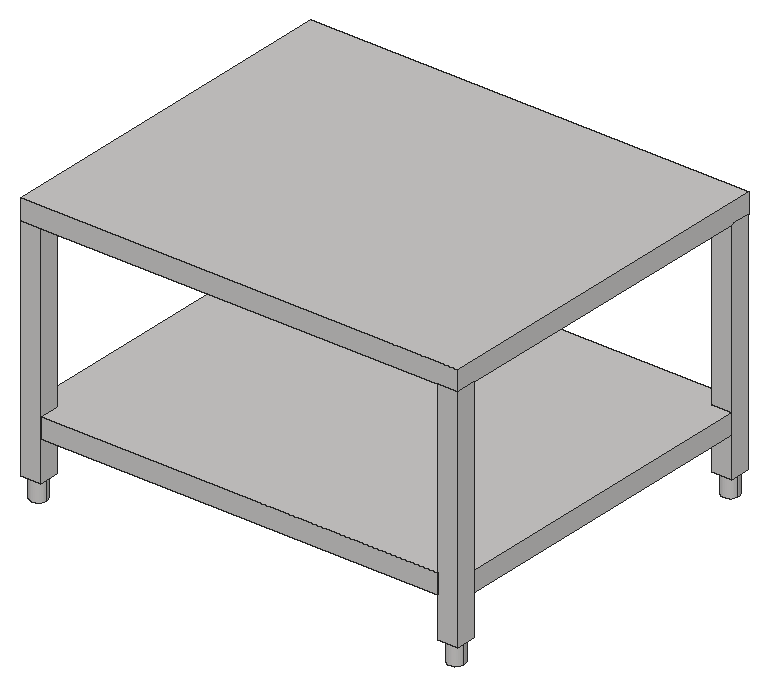
Revit family "QF_ELECTROLUXPROFESSIONAL_922612_OPBATRSU61011", category Attrezzature speciali, Revit 2020
Family settings
  Quota connettore circolare = Usa diametro
  Tipo di parte = Normale
  Basato su piano di lavoro = No
  Sempre verticale = Sì
  Taglio con vuoti quando caricato = No
  Condiviso = No
  Punto di calcolo locali = No
Parameters (values of type "Standard")
  Weight = 0.00 kg
  Watts = 0 W
  Volts = 0 V
  URL Manufacturer = ""
  URL = ""
  Steam Supply Size = 0 mm
  Steam Supply Minimum Pressure = 0.0 Pa
  Steam Supply Maximum Pressure = 0.0 Pa
  Steam Consumption per Hour = 0
  Show Clearance [instance] = yes
  Refrigeration Suction Line Size = 0 mm
  Refrigeration Liquid Line Size = 0 mm
  Refrigerant Compressor Remote = yes
  Prospetto di default = 0 mm
  Manufacturer = ""
  Phase = 0
  Model = ""
  Length Actual = 865 mm  # constant formula
  Item Number = ""
  Hot Water Size = 0 mm
  Height Actual = 770 mm  # constant formula
  HP = ""
  Gas Size = 0 mm
  Gas KW = 0
  Gas Input Pressure = 0 W
  Direct Waste Size = 0 mm
  Description = ""
  Depth Actual = 705 mm  # constant formula
  Cycle = 0 Hz
  Condensate Return Size = 0 mm
  Compressed Air Volume = 0.0 L/s
  Compressed Air Size = 0 mm
  Compressed Air Pressure = 0.0 Pa
  Cold Water Size = 0 mm
  Accessory = yes
Reference planes
  plane 1 "Back": y = 0
  plane 2: z = 0
  plane 3 "FRONT": y = -903
  plane 4 "LEFT": x = -126
  plane 5 "RIGHT": x = 964
  plane 6: x = 419
  plane 7 "Centro Avanti/Indietro": y = -451.5
  plane 8: z = 670
  plane 9: z = 335
  plane 10: z = 50
  plane 11: z = 620
  plane 12: y = -50
  plane 13: y = -853
  plane 14: x = -76
  plane 15: x = 914
  plane 16: y = -25
  plane 17: x = -101
  plane 18: z = 150
  plane 19: z = 200
Forms (mm)
  Extrusion 1, solid, material "QF_Finishes_Stainless Steel"
    sketch origin (0, 0, 0) x (1, 0, 0) y (0, 1, 0)
      loop
        line (-126, 0) -> (-126, -903) -> (964, -903) -> (964, 0) -> (-126, 0)
    from 620 to 670
  Extrusion 2, solid, material "QF_Finishes_Stainless Steel"
    sketch origin (0, 0, 0) x (1, 0, 0) y (0, 1, 0)
      loop
        line (-126, 0) -> (-126, -50) -> (-76, -50) -> (-76, 0) -> (-126, 0)
    from 50 to 620
  Extrusion 3, solid, material "QF_Finishes_Stainless Steel"
    sketch origin (0, -903, 0) x (1, 0, 0) y (0, 1, 0)
      loop
        line (-126, 0) -> (-76, 0) -> (-76, 50) -> (-126, 50) -> (-126, 0)
    from 50 to 620
  Extrusion 4, solid, material "QF_Finishes_Stainless Steel"
    sketch origin (838, 0, 0) x (-1, 0, 0) y (0, -1, 0)
      loop
        line (-126, 0) -> (-76, 0) -> (-76, 50) -> (-126, 50) -> (-126, 0)
    from 50 to 620
  Extrusion 5, solid, material "QF_Finishes_Stainless Steel"
    sketch origin (838, -903, 0) x (-1, 0, 0) y (0, -1, 0)
      loop
        line (-126, 0) -> (-126, -50) -> (-76, -50) -> (-76, 0) -> (-126, 0)
    from 50 to 620
  Extrusion 6, solid, material "QF_Finishes_Stainless Steel"
    sketch origin (0, 0, 0) x (1, 0, 0) y (0, 1, 0)
      loop
        line (914, 0) -> (-76, 0) -> (-76, -50) -> (-126, -50) -> (-126, -853) -> (-76, -853) -> (-76, -903) -> (914, -903) -> (914, -853) -> (964, -853) -> (964, -50) -> (914, -50) -> (914, 0)
    from 150 to 200
Dimensions and locks
  plane 5 "RIGHT" to plane 4 "LEFT" = 1090 mm
  plane 4 "LEFT" to plane 5 "RIGHT" = 1090 mm
  plane 3 "FRONT" to plane 1 "Back" = 903 mm
  equal spacing: plane 4 "LEFT", plane 6, plane 5 "RIGHT"
  equal spacing: plane 3 "FRONT", plane 7 "Centro Avanti/Indietro", plane 1 "Back"
  plane 8 to plane 2 = 670 mm
  equal spacing: plane 8, plane 9, plane 2
  plane 2 to plane 10 = 50 mm
  locked: plane 8 to plane 11 at 50
  plane 18 to plane 2 = 150 mm
  locked: plane 19 to plane 18 at 50
  aligned and locked: level to plane 2
  aligned and locked: plane 1 "Back" to Extrusion 1 sketch curve
  aligned and locked: plane 4 "LEFT" to Extrusion 1 sketch curve
  aligned and locked: plane 3 "FRONT" to Extrusion 1 sketch curve
  aligned and locked: plane 5 "RIGHT" to Extrusion 1 sketch curve
  aligned and locked: plane 8 to Extrusion 1
  aligned and locked: plane 11 to Extrusion 1
  aligned and locked: Extrusion 2 sketch curve to Extrusion 1  (x2)
  aligned and locked: Extrusion 2 sketch curve to plane 12
  aligned and locked: Extrusion 2 sketch curve to plane 14
  aligned and locked: Extrusion 2 to plane 11
  aligned and locked: plane 10 to Extrusion 2
  aligned and locked: Extrusion 6 sketch curve to plane 1 "Back"
  aligned and locked: Extrusion 6 sketch curve to plane 3 "FRONT"
  aligned and locked: Extrusion 6 sketch curve to plane 5 "RIGHT"
  aligned and locked: Extrusion 6 sketch curve to plane 4 "LEFT"
  aligned and locked: Extrusion 6 sketch curve to plane 12
  aligned and locked: plane 12 to Extrusion 6 sketch curve
  aligned and locked: Extrusion 6 sketch curve to plane 13  (x2)
  aligned and locked: Extrusion 6 sketch curve to plane 14  (x2)
  aligned and locked: Extrusion 6 sketch curve to plane 15  (x2)
  aligned and locked: Extrusion 6 to plane 19
  aligned and locked: Extrusion 6 to plane 18
Automatic sketch dimensions
  Extrusion 3 sketch curve to plane 4 "LEFT" = 0 mm
  plane 13 to Extrusion 3 sketch curve = 0 mm
  Extrusion 3 sketch curve to plane 14 = 0 mm
  Extrusion 3 sketch curve to plane 3 "FRONT" = 0 mm
  Extrusion 4 sketch curve to plane 5 "RIGHT" = 0 mm
  plane 12 to Extrusion 4 sketch curve = 0 mm
  Extrusion 4 sketch curve to plane 15 = 0 mm
  plane 1 "Back" to Extrusion 4 sketch curve = 0 mm
  Extrusion 5 sketch curve to plane 5 "RIGHT" = 0 mm
  plane 13 to Extrusion 5 sketch curve = 0 mm
  Extrusion 5 sketch curve to plane 15 = 0 mm
  Extrusion 5 sketch curve to plane 3 "FRONT" = 0 mm
Nested families
  nested 1: "Piedino_BASSO_PARAM_STEEL - DISHWASHING" at (-101, -25, 0), type "Piedino_BASSO_PARAM_STEEL - DISHWASHING"
    with MAT_PIEDE QF_Finishes_Stainless Steel, H 50 mm
  nested 2: "Piedino_BASSO_PARAM_STEEL - DISHWASHING" at (939, -25, 0) x (-1, 0, 0) z (0, 0, 1), type "Piedino_BASSO_PARAM_STEEL - DISHWASHING"
    with MAT_PIEDE QF_Finishes_Stainless Steel, H 50 mm
  nested 3: "Piedino_BASSO_PARAM_STEEL - DISHWASHING" at (-101, -878, 0), type "Piedino_BASSO_PARAM_STEEL - DISHWASHING"
    with MAT_PIEDE QF_Finishes_Stainless Steel, H 50 mm
  nested 4: "Piedino_BASSO_PARAM_STEEL - DISHWASHING" at (939, -878, 0) x (-1, 0, 0) z (0, 0, 1), type "Piedino_BASSO_PARAM_STEEL - DISHWASHING"
    with MAT_PIEDE QF_Finishes_Stainless Steel, H 50 mm
Definition of nested family "Piedino_BASSO_PARAM_STEEL - DISHWASHING"
  Parameters (values of type "Piedino_BASSO_PARAM_STEEL - DISHWASHING")
    Default Elevation = 0 mm
    Raggio_Piede = 20 mm
    MAT_PIEDE [instance] = none
    H = 20 mm
  Reference planes
    plane 1: y = 0
    plane 2: z = 0
    plane 3: x = 0
    plane 4: z = 20
  Forms (mm)
    Extrusion 1, solid, material <- "MAT_PIEDE"
      sketch origin (-373.847, 979.72, 0) x (1, 0, 0) y (0, 1, 0)
        loop
          circle (373.847, -979.72) r 20
      from 0 to 20
  Dimensions and locks
    "H": plane 2 to plane 4
    "Raggio_Piede": radius of Extrusion 1 sketch curve
    aligned and locked: level to plane 2
    aligned and locked: Extrusion 1 to plane 4
    aligned and locked: Extrusion 1 to plane 2
  Automatic sketch dimensions
    plane 1 to Extrusion 1 sketch curve = 0 mm
    Extrusion 1 sketch curve to plane 3 = 0 mm
